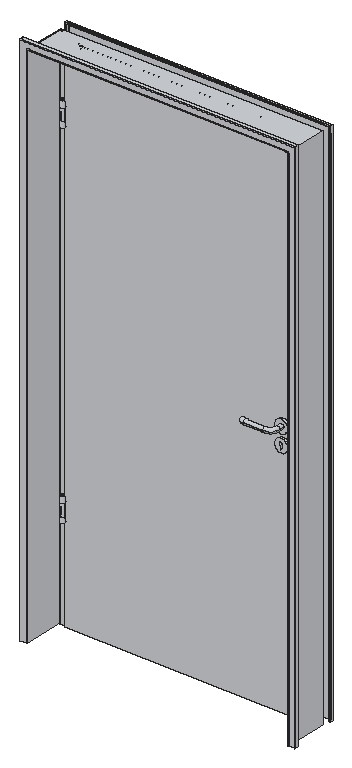
Revit family "BOS-Leibungszarge-Planar-wTUud_Familie", category Türen, Revit 2017 (continued)
Definition of nested family "BOS-Info-Texte_Beschriftung"
  Types (12, lengths in mm): name | Unten | Schwarz | Rot | Oben | Info-Text En unten | Info-Text De unten | Info-Text En oben | Info-Text De oben | Warndreieck | Fehlerkreis | Deutsch unten schwarz | Deutsch oben rot | Deutsch oben schwarz
    Verstellbereich wSvdW | no | yes | no | yes | "Kein Text" | "Kein Text" | "Adjustment area in the soffit from -2 to +15mm,\r\nother adjustment areas possible" | "Verstellbereich in der Zargenleibung von -2 bis +15mm\r\nanderer Verstellbereich möglich" | no | no | no | no | yes
    Wandartauswahl 15Nz15Z | no | yes | no | yes | "Kein Text" | "Kein Text" | "Attention for stud walls: underlay from site required!\r\nFor DIN door leaves, select larger structural wall measurements.\r\nFor selection \"stud walls\":\r\nsee 'Features' (remove tick for brick walls)" | "Achtung bei Ständerwerk: bauseitige Unterfütterung erforderlich!\r\nBei DIN-Türblatt Rohbaumaße größer wählen.\r\nFür Auswahl \"Ständerwerk\": \r\nsiehe 'Eigenschaften' (Häkchen entfernen bei Mauerwerk)." | no | no | no | no | yes
    Technische Hinweise | no | yes | no | yes | "Kein Text" | "Kein Text" | "Due to manufacturing reasons this Revit family may not be changed\r\nwithout consulting BOS!\r\n\r\nDo not mirror frames (door list)!\r\nsee ‘Features’: DIN left / DIN right\r\n\r\nThe solid and stud walls or, for example, their profiles,\r\nmust be designed so that they can reliably and sustainably\r\nabsorb the static and dynamic forces resulting\r\nfrom the load on the door element used." | "Diese Revit-Familie darf aus fertigungstechnischen Gründen\r\nnicht ohne Rücksprache mit BOS abgeändert werden!\r\n\r\nZargen nicht spiegeln (Türliste)!\r\nsiehe 'Eigenschaften': DIN links / DIN rechts\r\n\r\nDie Massiv- und Ständerwerkswände bzw. deren Profile\r\nmüssen so ausgebildet sein, dass sie die statischen\r\nund dynamischen Kräfte, welche sich aus der Belastung\r\nder verwendeten Türelements ergeben, zuverlässig\r\nund nachhaltig aufnehmen können." | no | no | no | no | yes
    Drückerhöhe Warnung | yes | yes | no | no | "Please take the handle depth/height and/or DIN opening direction into account" | "Drückertiefen/-höhen und/oder DIN Richtungen beachten/anpassen!" | "Kein Text" | "Kein Text" | yes | no | yes | no | no
    Maulweite-Dehnungsfuge Fehlermeldung | no | yes | no | yes | "Kein Text" | "Kein Text" | "Check the wall thickness and/or expansion joint!" | "Wandstärke und/oder Dehnungsfuge prüfen!" | no | yes | no | no | yes
    Technische Hinweise Norm | no | yes | no | yes | "Kein Text" | "Kein Text" | "Due to manufacturing reasons this Revit family may not be changed\r\nwithout consulting BOS!\r\n\r\nThe solid and stud walls or, for example, their profiles,\r\nmust be designed so that they can reliably and sustainably\r\nabsorb the static and dynamic forces resulting\r\nfrom the load on the door element used." | "Diese Revit-Familie darf aus fertigungstechnischen Gründen\r\nnicht ohne Rücksprache mit BOS abgeändert werden!\r\n\r\nDie Massiv- und Ständerwerkswände bzw. deren Profile\r\nmüssen so ausgebildet sein, dass sie die statischen\r\nund dynamischen Kräfte, welche sich aus der Belastung\r\nder verwendeten Türelements ergeben, zuverlässig\r\nund nachhaltig aufnehmen können." | no | no | no | no | yes
    Maßauswahl | no | no | yes | yes | "Kein Text" | "Kein Text" | "To choose  Rebate Width/Height Measurement, Receiving Opening\r\nsee 'Features'" | "Auswahl von FMB, FMH, MW\r\nunter 'Eigenschaften'" | no | no | no | yes | no
    Rohbaumaß Warnung | no | yes | no | yes | "Kein Text" | "Kein Text" | "For DIN door leaves, select larger structural wall measurements!\r\nWhen changing the architrave widths, the structural measurements change accordingly." | "Bei DIN-Türblatt Rohbaumaße größer wählen!\r\nBei Änderung der Spiegelbreiten, Rohbaumaße beachten." | no | no | no | no | yes
    Drehpunkt Warnung | no | yes | no | yes | "Kein Text" | "Kein Text" | "The actual pivot point of the door leaf\r\nmay differ from the one illustrated!" | "Der tatsächliche Drehpunkt des Türblattes\r\nkann von der Darstellung abweichen!" | no | no | no | no | yes
  Reference planes
    plane 1: y = 0.955
    plane 2: x = 0
  Lines and regions (mm)
    Filled region 1, type "Gefüllter Bereich Gelb", visible <- "Warndreieck"
      outline origin (-7.188, 1.747, 0) x (1, 0, 0) y (0, 1, 0)
        loop
          line (5.951, -3.033) -> (8.413, -3.033) -> (7.182, -0.9) -> (5.951, -3.033)
    Filled region 2, type "Gefüllter Bereich Rot", visible <- "Fehlerkreis"
      outline origin (0, -3.763, 0) x (1, 0, 0) y (0, 1, 0)
        loop
          circle (0, 3.1) r 1.5
        loop
          line (-0.937, 3.486) -> (-0.937, 2.686) -> (1.023, 2.686) -> (1.023, 3.486) -> (-0.937, 3.486)
    Filled region 3, type "Gefüllter Bereich Weiss", visible <- "Fehlerkreis"
      outline origin (-7.014, -2.062, 0) x (1, 0, 0) y (0, 1, 0)
        loop
          line (6.077, 1.785) -> (6.077, 0.985) -> (8.038, 0.985) -> (8.038, 1.785) -> (6.077, 1.785)
  Text (mm)
    label "Info-Text De oben schwarz" at (0.065, 1.415, 0), shows "Info-Text De oben", visible <- "Deutsch oben schwarz"
    label "!" at (0.065, -0.414, 0), shows "Ausrufezeichen", visible <- "Warndreieck"
    label "Info-Text En oben schwarz" at (0.065, 1.415, 0), shows "Info-Text En oben", visible <- "Englisch oben schwarz"
    label "Info-Text De unten schwarz" at (0.218, -2.468, 0), shows "Info-Text De unten", visible <- "Deutsch unten schwarz"
    label "Info-Text En unten schwarz" at (0.065, -2.419, 0), shows "Info-Text En unten", visible <- "Englisch unten schwarz"
    label "Info-Text En oben rot" at (0.065, 1.415, 0), shows "Info-Text En oben", visible <- "Englisch oben rot"
    label "Info-Text En unten rot" at (0.065, -2.419, 0), shows "Info-Text En unten", visible <- "Englisch unten rot"
    label "Info-Text De unten rot" at (0.065, -2.419, 0), shows "Info-Text De unten", visible <- "Deutsch unten rot"
    label "Info-Text De oben rot" at (-0.371, 1.396, 0), shows "Info-Text De oben", visible <- "Deutsch oben rot"
Definition of nested family "BOS-Flachstahlanker-2-schalige-Leibungszarge-(Planar-V1-V2)_Detail"
  Parameters (values of type "BOS-Flachstahlanker-2-schalige-Leibungszarge-(Planar-V1-V2)_Detail")
    Überstand hinten = if(Leibungszarge, Putzwinkel hinten, 0 mm)  # 15 mm
    Variante 2 = no
    Variante 1 = yes
    Unterstand hinten = if(Leibungszarge, 0 mm, if(Variante 1, Putzwinkel hinten, Putzwinkel vorne))  # 0 mm
    Unterfütterunggstärke = 6.5 mm
    Unterfütterungsabstand vorne = 30 mm
    Unterfütterungsabstand hinten = 5 mm
    Spiegel innen = 40 mm
    Putzwinkel vorne = 15 mm
    MW Maulweite = 200 mm
    URL = "www.BestOfSteel.de"
    Rechtliche Hinweise = "www.BestOfSteel.de/tools-downloads/bim-building-information-modeling/"
    Putzwinkel innen = 10 mm
    Putzwinkel hinten = 15 mm
    Profilverschiebung = 10 mm
    Leibungszarge Planar = no
    Leibungszarge = yes
    Leibungstiefe = 40 mm
    Falztiefe gesamt = 46.5 mm
    Falztiefe 2 = 23 mm
    Falztiefe = 28.5 mm
    Falzaufschlag gesamt = 15 mm
    Falzaufschlag = 15 mm
    BOS-Architekten-Beratung = "Tel.: +49 (0) 2572 203-203; E-Mail: architekten@BestOfSteel.de"
    Ankerreferenz vertikal 2 = if(Leibungszarge, Falztiefe gesamt + Leibungstiefe, Falztiefe + Falztiefe 2) - Putzwinkel innen  # 76.5 mm
    Ankerreferenz vertikal 1 = if(Leibungszarge, Putzwinkel hinten + 17.5 mm, if(Variante 1, Putzwinkel hinten + 15 mm, Putzwinkel vorne + 15 mm))  # 32.5 mm
    Ankerreferenz horizontal = Spiegel innen - if(Variante 1, 0 mm, Falzaufschlag gesamt)  # 40 mm
    Ankerblechstärke = 2 mm
    Technische Infos rund um die Stahlzarge = "www.BestOfSteel.de/tools-downloads/technische-infos-rund-um-die-stahlzarge/"
    Manufacturer = "BOS GmbH BestOfSteel, Lütkenfelde 4, D-48282 Emsdetten"
    Zargenblechstärke = 1.5 mm
    Description = "Flachstahlanker 2-schalige Leibungszarge (Planar Variante 1 ober 2)"
    Keynote = "BOS Detail"
  Reference planes
    plane 1: y = -142.5
    plane 2: z = 0
    plane 3: x = 7.5
    plane 4: x = 56
    plane 5: y = 40
    plane 6: y = 72.5
    plane 7: y = -4
    plane 8: y = -143
    plane 9: x = 14
    plane 10: x = 57.5
    plane 11: x = 16
    plane 12: x = 17.5
    plane 13: y = -14
    plane 14: x = 54
    plane 15: x = -42.5
    plane 16: y = 57.5
    plane 17: x = 14
    plane 18: y = -113
    plane 19: y = 35
    plane 20: y = 57.5
  Lines and regions (mm)
    detail lines, in view "Ref.-Ebene"
      curve 1: line (16, -4, 0) -> (56, -4, 0)
      curve 2: line (56, -4, 0) -> (56, 40, 0)
      curve 3: line (54, 40, 0) -> (54, -4, 0)
      curve 4: line (16, -143, 0) -> (16, -4, 0)
      curve 5: line (14, 40, 0) -> (14, -143, 0)
      curve 6: line (16, -143, 0) -> (14, -143, 0)
      curve 7: line (14, 40, 0) -> (56, 40, 0)
      curve 8: line (-42.5, -142.5, 0) -> (7.5, -142.5, 0)
      curve 9: line (7.5, -142.5, 0) -> (7.5, 57.5, 0)
      curve 10: line (7.5, 57.5, 0) -> (-42.5, 57.5, 0)
      curve 11: line (7.5, 35, 0) -> (14, 35, 0)
      curve 12: line (7.5, -113, 0) -> (14, -113, 0)
      curve 13: line (7.5, -113, 0) -> (14, 35, 0)
      curve 14: line (7.5, 35, 0) -> (14, -113, 0)
    reference lines, in view "Ref.-Ebene"
      curve 15: line (7.5, 47.5, 0) -> (7.5, 57.5, 0)
      curve 16: line (12.5, 47.5, 0) -> (12.5, 55, 0)
      curve 17: arc (7.5, 47.5, 0) -> (10, 47.261, 0) -> (12.5, 47.5, 0) r 13.205
      curve 18: arc (7.5, 57.5, 0) -> (10.241, 56.787, 0) -> (13.066, 56.584, 0) r 15.539
      curve 19: arc (13.066, 56.584, 0) -> (12.646, 55.841, 0) -> (12.5, 55, 0) r 2.5
    reference lines, in view "Ref.-Ebene", not visible
      curve 20: line (199.076, 139.468, 0) -> (199.076, 149.468, 0)
      curve 21: line (204.076, 139.468, 0) -> (204.076, 146.968, 0)
      curve 22: arc (199.076, 139.468, 0) -> (201.576, 139.229, 0) -> (204.076, 139.468, 0) r 13.205
      curve 23: arc (199.076, 149.468, 0) -> (201.817, 148.756, 0) -> (204.642, 148.553, 0) r 15.539
      curve 24: arc (204.642, 148.553, 0) -> (204.222, 147.809, 0) -> (204.076, 146.968, 0) r 2.5
  Dimensions and locks
    "Zargenblechstärke": plane 11 to plane 12
    "Zargenblechstärke": plane 4 to plane 10
    "Ankerblechstärke": plane 14 to plane 4
    "Ankerblechstärke": plane 9 to plane 11
    "Profilverschiebung": plane 3 to plane 12
    "MW Maulweite": plane 1 to plane 20
    "Putzwinkel innen": plane 7 to plane 13
    plane 15 to plane 3 = 50 mm
    plane 8 to plane 1 = 0.5 mm
    "Unterfütterunggstärke": plane 3 to plane 17
    "Unterfütterungsabstand hinten": plane 5 to plane 19
    "Unterfütterungsabstand vorne": plane 18 to plane 8
    "Ankerreferenz horizontal": plane 12 to plane 10
    "Ankerreferenz vertikal 1": plane 6 to plane 5
    "Überstand hinten": plane 6 to plane 16
    "Ankerreferenz vertikal 2": plane 6 to plane 7
    "Unterstand hinten": plane 16 to plane 20
    aligned and locked: plane 3 to curve 15
    aligned and locked: plane 16 to curve 18
  Automatic sketch dimensions
    curve 1 to curve 2 = 59.464 mm
    curve 4 to curve 2 = 144.641 mm
    curve 1 to curve 2 = 44 mm
    curve 3 to curve 2 = 2 mm
    plane 1 to curve 8 = 0 mm
    curve 8 to plane 15 = 0 mm
    curve 10 to plane 15 = 0 mm
    curve 8 to plane 3 = 0 mm
    curve 7 to plane 5 = 0 mm
    curve 11 to plane 9 = 0 mm
    curve 5 to plane 8 = 0 mm
    curve 6 to plane 11 = 0 mm
    curve 1 to plane 7 = 0 mm
    curve 3 to plane 14 = 0 mm
    curve 7 to plane 4 = 0 mm
    plane 18 to curve 12 = 0 mm
    plane 18 to curve 13 = 0 mm
    plane 18 to curve 14 = 0 mm
    plane 19 to curve 11 = 0 mm
    plane 19 to curve 14 = 0 mm
    plane 19 to curve 13 = 0 mm
    curve 10 to plane 16 = 0 mm
    curve 15 to curve 17 = 2.5 mm
    curve 15 to curve 16 = 5 mm
    curve 17 to curve 18 = 2.764 mm
    curve 16 to curve 19 = 2.5 mm
    curve 16 to curve 19 = 7.5 mm
    curve 19 to curve 15 = 2.5 mm
    curve 15 to curve 17 = 2.966 mm
    curve 16 to curve 19 = 0.566 mm
    curve 20 to curve 22 = 2.5 mm
    curve 20 to curve 21 = 5 mm
    curve 22 to curve 23 = 2.764 mm
    curve 21 to curve 24 = 2.5 mm
    curve 21 to curve 24 = 7.5 mm
    curve 24 to curve 20 = 2.5 mm
    curve 20 to curve 22 = 2.966 mm
    curve 21 to curve 24 = 0.566 mm
Types (3, lengths in mm): name | Türblattabstand 1 | Türblattversatz  horizontal | Drehpunktposition vertikal | Drehpunktposition horizontal | Drehpunktabstand (SP) vertikal | Drehpunktabstand (FM) horizontal | Stumpf | VX Bänder | Spiegel innen min. | Gefälzt | Türblattstärke 2 | Türblattstärke 1 | Türblattversatz vertikal | Tectus Bänder | wTUud | wTUsd (versteckt liegendes Band) | wTUsd (Bandrolle sichtbar) | Falztiefe gesamt | Falztiefe | Bänder - Auswahl | Beschreibung
  wTUud | 1.5 | 11.5 | 164 | 1542 | 12.5 | 21 | no | yes | 40 | yes | 25.5 | 14.5 | -3.5 | no | yes | no | no | 28.5 | 28.5 | "3D Bänder gefälzt, Bandaufnahmen BVX11000" | "2-schalige Leibungszarge Planar Variante 1, gefälzt"
  wTUsd (Bandrolle sichtbar) | -2 | 6 | 183 | 1523.5 | 13.5 | 2.5 | yes | yes | 40 | no | 40 | 0 | 15.5 | no | no | no | yes | 46.5 | 46.5 | "3D Bänder stumpf, Bandaufnahmen BVX11000" | "2-schalige Leibungszarge Planar Variante 1, stumpf (Bandrolle sichtbar)"
  wTUsd (verdeckt liegendes Band) | -2 | 6 | 183 | 1523.5 | 13.5 | 2.5 | yes | no | 45 | no | 40 | 0 | 15.5 | yes | no | yes | no | 46.5 | 46.5 | "Tectus 3D Bänder, Bandaufnahmenn für Tectus Bänder" | "2-schalige Leibungszarge Planar Variante 1, stumpf (verdeckt liegendes Band)"
